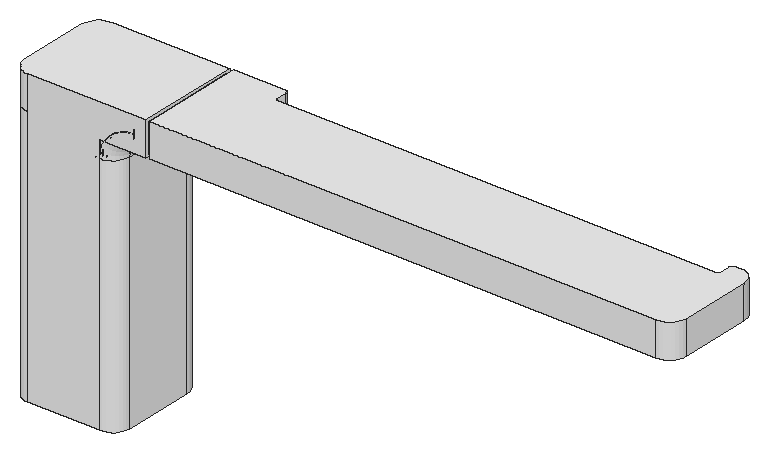
Revit family "Toilet Roll Holder-Single-Dorf Epic", category Specialty Equipment, host Face, Revit 2012
Parameters (values of type "Epic Toilet Roll Holder")
  URL = "http://www.dorf.com.au/"
  Type Comments = "Epic Toilet Roll Holder"
  Model = "6422.04"
  Material_ANZRS = Metal-Chrome-Caroma
  Manufacturer = "Dorf"  # constant formula
  Length_ANZRS = 145 mm  # constant formula
  Glazing = Glass-Clear-Caroma
  Description = "In line with the current bathroom trend toward more minimally styled geometric shapes"  # constant formula
  Default Elevation = 500 mm
  CreatedBy_ANZRS = "Design Content"  # constant formula
  CreatedByURL_ANZRS = "www.designcontent.com.au"
  Cost = 0
  Assembly Code = "C1030200"
Reference planes
  plane 1 "Center (Elevation)": y = 0
  plane 2 "Back": z = 0
  plane 3 "Center (Left/Right)": x = 0
  plane 4 "Left": x = -72.5
  plane 5 "Right": x = 72.5
  plane 6 "Top": y = 12.5
  plane 7 "Bottom": y = -12.5
  plane 8 "Front": z = 70
  plane 9: x = -85
  plane 10: x = -60
Forms (mm)
  Extrusion 1, solid, material "Metal-Chrome-Caroma" <- "Material_ANZRS"
    sketch origin (0, 0, 0) x (1, 0, 0) y (0, 1, 0)
      loop
        arc (-81, 12.5) -> (-83.828, 11.328) -> (-85, 8.5) r 4
        line (-85, 8.5) -> (-85, -8.5)
        arc (-85, -8.5) -> (-83.828, -11.328) -> (-81, -12.5) r 4
        line (-81, -12.5) -> (-64, -12.5)
        arc (-64, -12.5) -> (-61.172, -11.328) -> (-60, -8.5) r 4
        line (-60, -8.5) -> (-60, 8.5)
        arc (-60, 8.5) -> (-61.172, 11.328) -> (-64, 12.5) r 4
        line (-64, 12.5) -> (-81, 12.5)
    from 0 to 62
  Extrusion 2, solid, material "Metal-Chrome-Caroma" <- "Material_ANZRS"
    sketch origin (0, 0, -43) x (1, 0, 0) y (0, 1, 0)
      loop
        line (-52, 12.5) -> (-52, -12.5) -> (68.5, -12.5)
        arc (68.5, -12.5) -> (71.328, -11.328) -> (72.5, -8.5) r 4
        line (72.5, -8.5) -> (72.5, 8.5)
        arc (72.5, 8.5) -> (71.328, 11.328) -> (68.5, 12.5) r 4
        line (68.5, 12.5) -> (67.5, 12.5)
        arc (67.5, 12.5) -> (66.793, 12.207) -> (66.5, 11.5) r 1
        line (66.5, 11.5) -> (66.5, 9)
        arc (66.5, 9) -> (66.354, 8.646) -> (66, 8.5) r 0.5
        line (66, 8.5) -> (-38.5, 8.5)
        arc (-38.5, 8.5) -> (-38.854, 8.646) -> (-39, 9) r 0.5
        line (-39, 9) -> (-39, 11.5)
        arc (-39, 11.5) -> (-39.293, 12.207) -> (-40, 12.5) r 1
        line (-40, 12.5) -> (-52, 12.5)
      loop
        line (-53, 12.5) -> (-81, 12.5)
        arc (-81, 12.5) -> (-83.828, 11.328) -> (-85, 8.5) r 4
        line (-85, 8.5) -> (-85, -8.5)
        arc (-85, -8.5) -> (-83.828, -11.328) -> (-81, -12.5) r 4
        line (-81, -12.5) -> (-53, -12.5) -> (-53, 12.5)
    from 105 to 113
  Extrusion 3, solid, material "Metal-Chrome-Caroma" <- "Material_ANZRS"
    sketch origin (0, 0, 0) x (0, 1, 0) y (0, 0, 1)
      loop
        line (12, 69.5) -> (-12, 69.5) -> (-12, 62.5) -> (12, 62.5) -> (12, 69.5)
    from -60 to -52
  Sweep 4, solid, material "Metal-Chrome-Caroma" <- "Material_ANZRS"
    path origin (0, 0, 0) x (1, 0, 0) y (0, 0, 1)
      loop
        arc (-60, 58) -> (-58.828, 60.828) -> (-56, 62) r 4
    profile origin (-60, 0, 58) x (-1, 0, 0) y (0, -1, 0)
      loop
        arc (0, -8.5) -> (1.172, -11.328) -> (4, -12.5) r 4
        line (4, -12.5) -> (5, -12.5) -> (5, 12.5) -> (4, 12.5)
        arc (4, 12.5) -> (1.172, 11.328) -> (0, 8.5) r 4
        line (0, 8.5) -> (0, -8.5)
Cuts and joins
  joined: Extrusion 1, Extrusion 2, Extrusion 3
Dimensions and locks
  equal spacing: plane 4 "Left", plane 3 "Center (Left/Right)", plane 5 "Right"
  "Length_ANZRS": plane 4 "Left" to plane 5 "Right"
  equal spacing: plane 7 "Bottom", plane 1 "Center (Elevation)", plane 6 "Top"
  locked: plane 7 "Bottom" to plane 6 "Top" at 25
  plane 8 "Front" to level = 70 mm
  Extrusion 1 sketch curve to plane 4 "Left" to Extrusion 1 sketch curve = 12.5 mm locked, 12.5 mm locked
  plane 9 to plane 4 "Left" to plane 10 = 12.5 mm locked, 12.5 mm locked
  plane 10 to Extrusion 2 sketch curve to Extrusion 2 sketch curve = 7 mm locked, 1 mm locked
  aligned and locked: plane 2 "Back" to host face
  aligned and locked: level to host face
  aligned and locked: Extrusion 2 sketch curve to plane 9
  aligned and locked: plane 10 to cut or joined group of Extrusion 1, Extrusion 2, Extrusion 3
Automatic sketch dimensions
  host sketch curve to host sketch curve = 2438.4 mm  (x2)
  plane 7 "Bottom" to Extrusion 1 sketch curve = 0 mm
  plane 6 "Top" to Extrusion 1 sketch curve = 0 mm
  plane 9 to Extrusion 1 sketch curve = 4 mm  (x2)
  plane 10 to Extrusion 1 sketch curve = 4 mm  (x2)
  Extrusion 3 sketch curve to plane 7 "Bottom" = 0.5 mm
  plane 6 "Top" to Extrusion 3 sketch curve = 0.5 mm
  Extrusion 3 sketch curve to plane 8 "Front" = 7.5 mm
  Extrusion 3 sketch curve to plane 8 "Front" = 0.5 mm
  Sweep 4 sketch curve to plane 10 = 0 mm
  Sweep 4 sketch curve to plane 10 = 4 mm
  Sweep 4 sketch curve to plane 8 "Front" = 12 mm
  plane 7 "Bottom" to Extrusion 2 sketch curve = 0 mm  (x2)
  plane 6 "Top" to Extrusion 2 sketch curve = 0 mm  (x3)
  Extrusion 2 sketch curve to plane 5 "Right" = 0 mm
  plane 9 to Extrusion 2 sketch curve = 4 mm  (x2)
  Extrusion 2 sketch curve to Extrusion 2 sketch curve = 12 mm
  Extrusion 2 sketch curve to Extrusion 2 sketch curve = 1 mm  (x2)
  Extrusion 2 sketch curve to Extrusion 2 sketch curve = 0.5 mm  (x2)
  plane 6 "Top" to Extrusion 2 sketch curve = 3.5 mm
  Extrusion 2 sketch curve to plane 5 "Right" = 6.5 mm
  Extrusion 2 sketch curve to plane 5 "Right" = 4 mm
  Extrusion 2 sketch curve to Extrusion 2 sketch curve = 2 mm
  Sweep 4 sketch curve to profile plane = 0 mm
  Sweep 4 sketch curve to Sweep 4 sketch curve = 4 mm
  Sweep 4 sketch curve to Sweep 4 sketch curve = 1 mm  (x2)
  Sweep 4 sketch curve to plane 1 "Center (Elevation)" = 12.5 mm
  plane 1 "Center (Elevation)" to Sweep 4 sketch curve = 8.5 mm
